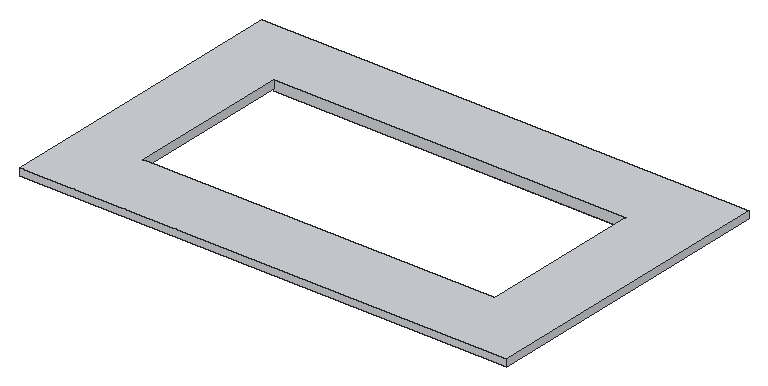
Revit family "P52SFPSB - P52206-20", category Generic Models, host Face, Revit 2019
Family settings
  Host = Face
  Can host rebar = No
  Round Connector Dimension = Use Diameter
  Part Type = Normal
  Cut with Voids When Loaded = No
  Shared = No
  Room Calculation Point = No
Parameters
  Default Elevation = 48.00"
Reference planes (in)
  plane 1 "Center (Front/Back)": y = 0
  plane 2: z = 0
  plane 3 "Center (Left/Right)": x = 0
Forms (in)
  Extrusion 1, solid
    sketch origin (-18.5625, 20.90625, 0) x (1, 0, 0) y (0, 1, 0)
      loop
        line (51.1535, -0.73325) -> (-14.0285, -0.73325) -> (-14.0285, -41.07925) -> (51.1535, -41.07925) -> (51.1535, -0.73325)
      loop
        line (-5.0285, -9.98775) -> (-5.0285, -31.82475) -> (42.1535, -31.82475) -> (42.1535, -9.98775) -> (-5.0285, -9.98775)
    from 0 to 1
  Sweep 2, solid
    path origin (0, 1.1975, 0) x (1, 0, 0) y (0, 1, 0)
      loop
        line (23.491, -12.116) -> (-23.591, -12.116)
    profile origin (-0.05, -10.9185, 0) x (0, -1, 0) y (0, 0, 1)
      loop
        line (0, 1) -> (0, -0.307) -> (0.536, -0.307) -> (0.536, -0.267) -> (0.04, -0.267) -> (0.04, 1) -> (0, 1)
  Sweep 3, solid
    path origin (0, -1.1975, 0) x (1, 0, 0) y (0, -1, 0)
      loop
        line (23.491, -12.116) -> (-23.591, -12.116)
    profile origin (-0.05, 10.9185, 0) x (0, -1, 0) y (0, 0, 1)
      loop
        line (0, 1) -> (-0.04, 1) -> (-0.04, -0.267) -> (-0.536, -0.267) -> (-0.536, -0.307) -> (0, -0.307) -> (0, 1)
Cuts and joins
  joined: Extrusion 1, Sweep 2, Sweep 3
Dimensions and locks (in)
  aligned and locked: plane 2 to host face
  aligned and locked: level to host face
